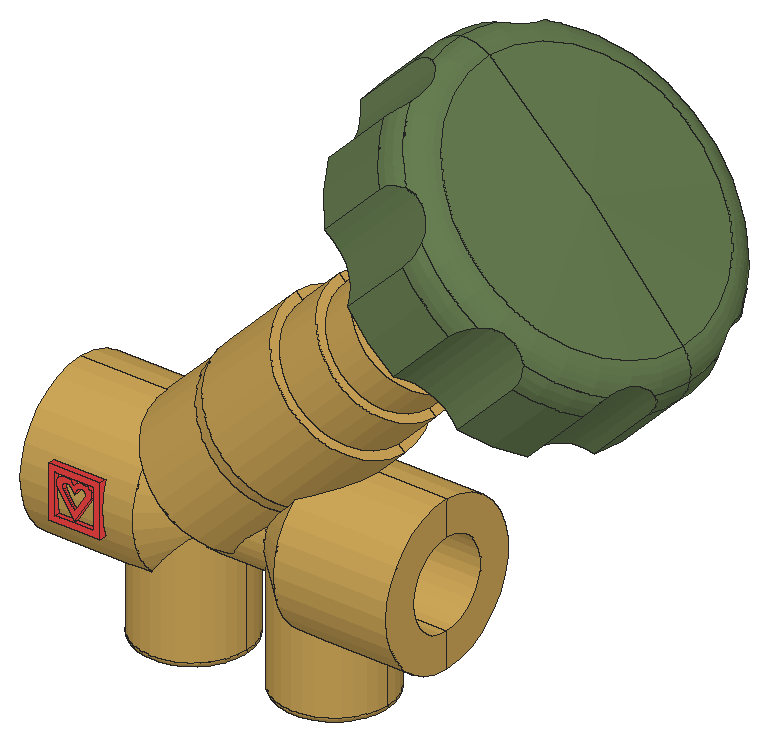
Revit family "HERZ Strömax 4125 WD", category Rohrzubehör, Revit 2019
Family settings
  Bemaßung runder Anschluss = Durchmesser verwenden
  Teiletyp = Unterbricht
  OmniClass-Nummer = 23.65.55.14
  OmniClass-Titel = Valves for Liquid Services
  Arbeitsebenenbasiert = Nein
  Immer vertikal = Ja
  Beim Laden mit Abzugskörper schneiden = Nein
  Gemeinsam genutzt = Nein
Parameters
  W01 = 45.00°  # constant formula
  URL = "www.herzvalves.com"
  Technically possible use = " "  # constant formula
  Spindle = "forged brass CW617N"  # constant formula
  SW01 = 60.00°  # constant formula
  SC_NennweiteBerechnet = 0
  SC_Dimension = ""
  SCTWSEQ = "FW_SBT_TYP_FW=\"109\";2"
  SCTWCODE = "04;00;02"  # constant formula
  S03 = 60 mm  # constant formula
  S02 [instance] = L06 + L09 + L12 + L15  # 77.9 mm
  S01 [instance] = R01 * 2  # 27 mm
  R12 [instance] = R01 - 1 mm  # 12.5 mm
  R11 [instance] = size_lookup("4125WD_", "R11", 46.5 mm, Nennweite)  # 5.1 mm
  R100 = 1 mm  # constant formula
  R10 [instance] = size_lookup("4125WD_", "R10", 46.5 mm, Nennweite)  # 8 mm
  R09 [instance] = size_lookup("4125WD_", "R9", 46.5 mm, Nennweite)  # 10.5 mm
  R08 [instance] = size_lookup("4125WD_", "R8", 46.5 mm, Nennweite)  # 12 mm
  R07 [instance] = size_lookup("4125WD_", "R7", 46.5 mm, Nennweite)  # 13.5 mm
  R06 [instance] = size_lookup("4125WD_", "R6", 43 mm, Nennweite)  # 13 mm
  R05 [instance] = Nennweite / 2  # 7.5 mm
  R03 = 9.5 mm  # constant formula
  R02 [instance] = Nennweite / 2  # 7.5 mm
  R01 [instance] = size_lookup("4125WD_", "R1", 11.5 mm, Nennweite)  # 13.5 mm
  Upper part = "DZR brass CW626N"  # constant formula
  Part number [instance] = size_lookup("4125WD_", "Artnr", 0, Nennweite)  # 2412561
  Note = "Pursuant to Article 33 of the REACH Regulation (EC No. 1907/2006), we are obliged to point out that the material lead is listed on the SVHC list and that all brass components manufactured in our products exceed 0.1% (w / w) lead (CAS: 7439-92-1 / EINECS: 231-100-4).\r\nSince lead is a component part of an alloy, actual exposure is not possible and therefore no additional information on safe use is necessary."
  Nennweite [instance] = 15 mm
  Min. flow at Dp 10 kPa [instance] = if(Nennweite = 15 mm, 0.5 L/s, if(Nennweite = 20 mm, 1.0 L/s, if(Nennweite = 25 mm, 1.75 L/s, if(Nennweite = 32 mm, 3.0 L/s, if(Nennweite = 40 mm, 4.0 L/s, if(Nennweite = 50 mm, 6.75 L/s, if(Nennweite = 65 mm, 11.0 L/s, if(Nennweite = 80 mm, 16.0 L/s, 0.0 L/s))))))))  # 0.5 L/s
  Medium = "Water"  # constant formula
  Max. service temperature (ÖVGW) = 65 °C  # constant formula
  Max. operating temperature = 80 °C  # constant formula
  Max. operating pressure = 2000000.0 Pa  # constant formula
  Max. differential pressure on closed seat = 1000000.0 Pa  # constant formula
  Max. operating pressure (ÖVGW) = 1000000.0 Pa  # constant formula
  L16 [instance] = L01 / 2  # 10 mm
  L15 [instance] = size_lookup("4125WD_", "L15", 12.4 mm, Nennweite)  # 12.4 mm
  L14 [instance] = size_lookup("4125WD_", "L14", 81 mm, Nennweite)  # 6 mm
  L12 [instance] = size_lookup("4125WD_", "L12", 81 mm, Nennweite)  # 26 mm
  L11 [instance] = size_lookup("4125WD_", "L11", 60 mm, Nennweite)  # 6.7 mm
  L10 [instance] = size_lookup("4125WD_", "L10", 20 mm, Nennweite)  # 9.3 mm
  L09 [instance] = size_lookup("4125WD_", "L9", 11 mm, Nennweite)  # 17 mm
  L08 [instance] = size_lookup("4125WD_", "L8", 35 mm, Nennweite)  # 20 mm
  L07 [instance] = size_lookup("4125WD_", "L7", 35 mm, Nennweite)  # 12.5 mm
  L06 [instance] = size_lookup("4125WD_", "L6", 118 mm, Nennweite) - L09  # 22.5 mm
  L03 = 15 mm  # constant formula
  L02 [instance] = size_lookup("4125WD_", "L2", 22 mm, Nennweite)  # 6 mm
  L01 [instance] = size_lookup("4125WD_", "L1", 48 mm, Nennweite)  # 20 mm
  L00 [instance] = size_lookup("4125WD_", "L", 180 mm, Nennweite)  # 65 mm
  Plug = "DZR brass CW626N"  # constant formula
  Hersteller = "HERZ Armaturen Ges.m.b.H."  # constant formula
  Hand wheel = "plastic, green"  # constant formula
  H01 [instance] = size_lookup("4125WD_", "H1", 53 mm, Nennweite)  # 24 mm
  Occasional temperature rises = "up to 95°C, if they do not last longer than 1 h"  # constant formula
  Seals = "EPDM"  # constant formula
  DN80 [instance] = Nennweite = 80 mm  # no
  DN65 [instance] = Nennweite = 65 mm  # no
  DN50 [instance] = Nennweite = 50 mm  # no
  DN40 [instance] = Nennweite = 40 mm  # no
  DN32 [instance] = Nennweite = 32 mm  # no
  DN25 [instance] = Nennweite = 25 mm  # no
  DN20 [instance] = Nennweite = 20 mm  # no
  DN15 [instance] = Nennweite = 15 mm  # yes
  Body = "DZR brass CC770S"  # constant formula
  Application = "For shutting off drinking water pipes in buildings."
Reference planes
  plane 1 "Mitte (Vorne/hinten)": y = 0
  plane 2: z = 0
  plane 3 "Mitte (Links/rechts)": x = 0
Forms (mm)
  Revolve 1, solid, material "Messing, weicher Gelbton, geschweißt", detail levels fine
    sketch origin (470, 0, 0) x (1, 0, 0) y (0, 0, 1)
      loop
        line (-502.5, 7.5) -> (-487.5, 7.5) -> (-487.5, 0) -> (-452.5, 0) -> (-452.5, 7.5) -> (-437.5, 7.5) -> (-437.5, 13.5) -> (-457.5, 13.5) -> (-464, 7.5) -> (-476, 7.5) -> (-482.5, 13.5) -> (-502.5, 13.5) -> (-502.5, 7.5)
      axis (-502.5, 0) -> (-437.5, 0)
    angle from 0 to 360
  Revolve 2, solid, material "Messing, weicher Gelbton, geschweißt", detail levels fine
    sketch origin (470, 0, 0) x (1, 0, 0) y (0, 0, 1)
      loop
        line (-492, 0) -> (-492, -23)
        arc (-492, -23) -> (-491.707, -23.707) -> (-491, -24) r 1
        line (-491, -24) -> (-482.5, -24) -> (-482.5, 0) -> (-492, 0)
      axis (-482.5, 0) -> (-482.5, -24)
    angle from 0 to 360
  Revolve 3, solid, material "Messing, weicher Gelbton, geschweißt", detail levels fine
    sketch origin (-470, 0, 0) x (-1, 0, 0) y (0, 0, 1)
      loop
        line (-492, 0) -> (-492, -23)
        arc (-492, -23) -> (-491.707, -23.707) -> (-491, -24) r 1
        line (-491, -24) -> (-482.5, -24) -> (-482.5, 0) -> (-492, 0)
      axis (-482.5, 0) -> (-482.5, -24)
    angle from 0 to 360
  Revolve 4, solid, material "Messing, weicher Gelbton, geschweißt", detail levels fine
    sketch origin (0.32, 0, -0.105) x (1, 0, 0) y (0, 0, 1)
      loop
        line (-12.82, 0) -> (42.264, 55.084) -> (38.657, 58.69) -> (29.889, 49.922) -> (27.839, 51.972) -> (20.767, 44.901) -> (19, 46.669) -> (14.262, 41.931) -> (13.201, 42.992) -> (6.625, 36.416) -> (5.565, 37.477) -> (-6.456, 25.456) -> (-7.87, 23.335) -> (-17.77, 13.435) -> (-18.123, 5.303) -> (-12.82, 0)
      axis (-12.82, 0) -> (42.264, 55.084)
    angle from 0 to 360
Lines and regions (mm)
  model lines, detail levels coarse+medium
    curve 1: line (-32.5, 0, 13.5) -> (-32.5, 0, -13.5)
    curve 2: line (-32.5, 0, -13.5) -> (32.5, 0, 13.5)
    curve 3: line (32.5, 0, 13.5) -> (32.5, 0, -13.5)
    curve 4: line (32.5, 0, -13.5) -> (-32.5, 0, 13.5)
    curve 5: line (0, 0, 0) -> (38.95, 0, 67.463)
    curve 6: line (12.969, 0, 82.463) -> (64.931, 0, 52.463)
    curve 7: line (-32.5, 13.5, 0) -> (-32.5, -13.5, 0)
    curve 8: line (-32.5, -13.5, 0) -> (32.5, 13.5, 0)
    curve 9: line (32.5, 13.5, 0) -> (32.5, -13.5, 0)
    curve 10: line (32.5, -13.5, 0) -> (-32.5, 13.5, 0)
    curve 11: line (0, 0, 0) -> (38.95, 67.463, 0)
    curve 12: line (12.969, 82.463, 0) -> (64.931, 52.463, 0)
Dimensions and locks
  "H01": plane 2 to Revolve 2 sketch curve
  "L00": Revolve 1 sketch curve to Revolve 1 sketch curve
  equal spacing: Revolve 1 sketch curve, plane 3 "Mitte (Links/rechts)", Revolve 1 sketch curve
  "R01": Revolve 1 sketch curve to Revolve 1 sketch curve  (x2)
  "R02": Revolve 1 sketch curve to Revolve 1 sketch curve  (x3)
  "L01": Revolve 1 sketch curve to Revolve 1 sketch curve  (x2)
  "L02": plane 3 "Mitte (Links/rechts)" to Revolve 1 sketch curve
  "L02": Revolve 1 sketch curve to plane 3 "Mitte (Links/rechts)"
  "L03": Revolve 1 sketch curve to Revolve 1 sketch curve  (x2)
  "L01": Revolve 1 to Revolve 2 sketch curve
  "R03": Revolve 2 sketch curve to Revolve 2 sketch curve
  "L01": Revolve 3 sketch curve to Revolve 1
  "R03": Revolve 3 sketch curve to Revolve 3 sketch curve
  "H01": plane 2 to Revolve 3 sketch curve
  "R07": Revolve 4 sketch curve to Revolve 4 sketch curve
  "L07": plane 3 "Mitte (Links/rechts)" to Revolve 4 sketch curve
  "R05": Revolve 4 sketch curve to Revolve 4 sketch curve
  "L06": Revolve 4 sketch curve to Revolve 4 sketch curve
  "L08": Revolve 4 sketch curve to Revolve 4 sketch curve
  "R06": Revolve 4 sketch curve to Revolve 4 sketch curve
  "L14": Revolve 4 sketch curve to Revolve 4 sketch curve
  "L09": Revolve 4 sketch curve to Revolve 4 sketch curve
  "R08": Revolve 4 sketch curve to Revolve 4 sketch curve
  "L10": Revolve 4 sketch curve to Revolve 4 sketch curve
  "R09": Revolve 4 sketch curve to Revolve 4 sketch curve
  "R10": Revolve 4 sketch curve to Revolve 4 sketch curve
  "L12": Revolve 4 sketch curve to Revolve 4 sketch curve
  "R11": Revolve 4 sketch curve to Revolve 4 sketch curve
  "L15": Revolve 4 sketch curve to Revolve 4 sketch curve
  "L11": Revolve 4 sketch curve to Revolve 4 sketch curve
  "R12": nested 9 to plane 1 "Mitte (Vorne/hinten)"
  "L16": Revolve 1 to nested 9
  equal spacing: curve 1, plane 3 "Mitte (Links/rechts)", curve 3
  "L00": curve 1 to curve 3
  equal spacing: curve 4, plane 2, curve 2
  "S01": curve 4 to curve 2
  equal spacing: curve 3, plane 2, curve 4
  "S01": curve 3 to curve 4
  "S02": curve 5 to curve 5
  equal spacing: curve 6, curve 5, curve 6
  "S03": curve 6 to curve 6
  equal spacing: curve 7, plane 3 "Mitte (Links/rechts)", curve 9
  "L00": curve 7 to curve 9
  equal spacing: curve 8, plane 1 "Mitte (Vorne/hinten)", curve 10
  "S01": curve 10 to curve 8
  equal spacing: curve 10, plane 1 "Mitte (Vorne/hinten)", curve 9
  "S01": curve 9 to curve 10
  "S02": curve 11 to curve 11
  equal spacing: curve 12, curve 11, curve 12
  "S03": curve 12 to curve 12
  "R100": radius of Revolve 2 sketch curve
  "R100": radius of Revolve 3 sketch curve
  "W01": angle plane 2 to Revolve 4 sketch curve
  "W01": angle level to Revolve 4 sketch curve
  "SW01": angle plane 2 to curve 5
  "SW01": angle plane 1 "Mitte (Vorne/hinten)" to curve 11
  aligned and locked: level to plane 2
Automatic sketch dimensions
  curve 5 to level = 0 mm
  plane 1 "Mitte (Vorne/hinten)" to curve 11 = 0 mm
  Revolve 1 sketch curve to level = 0 mm  (x2)
  Revolve 1 sketch curve to Revolve 1 sketch curve = 791.99 mm
  Revolve 1 sketch curve to Revolve 1 sketch curve = 2278.983 mm
  Revolve 2 sketch curve to level = 0 mm  (x2)
  Revolve 2 sketch curve to Revolve 2 sketch curve = 0 mm
  Revolve 2 sketch curve to Revolve 2 sketch curve = 0.292 mm
  Revolve 3 sketch curve to level = 0 mm  (x2)
  Revolve 3 sketch curve to Revolve 3 sketch curve = 0 mm
  Revolve 3 sketch curve to Revolve 3 sketch curve = 0.292 mm
  Revolve 4 sketch curve to level = 0.105 mm
  Revolve 4 sketch curve to Revolve 4 sketch curve = 0 mm  (x2)
Nested families
  nested 1: "Strömax-Handrad_Schrägsitz (Grün)" at (42.584, 0, 54.979), visible <- "DN15", type "Strömax-Handrad_Schrägsitz (Grün)", detail levels fine
    with Nennweite 0 mm, Gewicht 0.00 kg, Bestellnummer 0
  nested 2: "Strömax-Handrad_Schrägsitz (Grün)" at (54.312, 0, 67.707), visible <- "DN20", type "Strömax-Handrad_Schrägsitz (Grün)", detail levels fine
    with Nennweite 0 mm, Gewicht 0.00 kg, Bestellnummer 0
  nested 3: "Strömax-Handrad_Schrägsitz (Grün)" at (62.469, 0, 80.364), visible <- "DN25", type "Strömax-Handrad_Schrägsitz (Grün)", detail levels fine
    with Nennweite 0 mm, Gewicht 0.00 kg, Bestellnummer 0
  nested 4: "Strömax-Handrad_Schrägsitz (Grün)" at (71.712, 0, 91.607), visible <- "DN32", type "Strömax-Handrad_Schrägsitz (Grün)", detail levels fine
    with Nennweite 0 mm, Gewicht 0.00 kg, Bestellnummer 0
  nested 5: "Strömax-Handrad_Schrägsitz (Grün)" at (80.399, 0, 101.294), visible <- "DN40", type "Strömax-Handrad_Schrägsitz (Grün)", detail levels fine
    with Nennweite 0 mm, Gewicht 0.00 kg, Bestellnummer 0
  nested 6: "Strömax-Handrad_Schrägsitz (Grün)" at (97.83, 0, 129.225), visible <- "DN50", type "Strömax-Handrad_Schrägsitz (Grün)", detail levels fine
    with Nennweite 0 mm, Gewicht 0.00 kg, Bestellnummer 0
  nested 7: "Strömax-Handrad_Schrägsitz (Grün)" at (114.482, 0, 149.378), visible <- "DN65", type "Strömax-Handrad_Schrägsitz (Grün)", detail levels fine
    with Nennweite 0 mm, Gewicht 0.00 kg, Bestellnummer 0
  nested 8: "Strömax-Handrad_Schrägsitz (Grün)" at (140.423, 0, 183.319), visible <- "DN80", type "Strömax-Handrad_Schrägsitz (Grün)", detail levels fine
    with Nennweite 0 mm, Gewicht 0.00 kg, Bestellnummer 0
  nested 9: "Herz-Logo-vorne" at (-22.5, -13.232, 0) x (0, 1, 0) z (0, 0, 1), type "Herz-Logo-vorne", detail levels fine
Connectors
  piping at (-17.5, 0, 0), diameter 15, driven by "Nennweite"
    settings: on Revolve 1, index 1, connector inside diameter 609.6 mm, connector length 0 mm, flow factor 0, pipe flow 0.0 L/s, pressure drop 0.0 Pa, fitting loss kfactor 0, connector angle 0.00°, fixture units 0, engagement length 0 mm, angle of deflection 0.00°, flow configuration 0, flow direction 1, fitting loss method 0, system type 29, joint type 0, gender type 0, connector reference index -1, connector utility 0, adjustable connector no, is connector primary yes, connector description ""
  piping at (17.5, 0, 0), diameter 15, driven by "Nennweite"
    settings: on Revolve 1, index 2, connector inside diameter 609.6 mm, connector length 0 mm, flow factor 0, pipe flow 0.0 L/s, pressure drop 0.0 Pa, fitting loss kfactor 0, connector angle 0.00°, fixture units 0, engagement length 0 mm, angle of deflection 0.00°, flow configuration 0, flow direction 2, fitting loss method 0, system type 29, joint type 0, gender type 0, connector reference index -1, connector utility 0, adjustable connector no, is connector primary no, connector description ""
Definition of nested family "Strömax-Handrad_Schrägsitz (Grün)"
  Parameters (values of type "Strömax-Handrad_Schrägsitz (Grün)")
    URL = "www.herz-armaturen.at"
    Nennweite [instance] = 0 mm
    Manufacturer = "Herz Armaturen GmbH"  # constant formula
    Gewicht [instance] = 0.00 kg
    Bestellnummer [instance] = 0
  Reference planes
    plane 1 "Mitte (Vorne/hinten)": y = 0
    plane 2: z = 0
    plane 3 "Mitte (Links/rechts)": x = 0
  Forms (mm)
    Revolve 1, solid
      sketch origin (0, 0, 0) x (0.707107, 0, -0.707107) y (0.707107, 0, 0.707107)
        loop
          line (0, 0) -> (0, 22)
          arc (0, 22) -> (-12.15, 21.705) -> (-24.271, 20.819) r 250
          arc (-24.271, 20.819) -> (-26.831, 19.959) -> (-28.754, 18.063) r 6
          arc (-28.754, 18.063) -> (-29.682, 16.008) -> (-30, 13.776) r 8
          line (-30, 13.776) -> (-30, 0) -> (0, 0)
        axis (0, 22) -> (0, 0)
      angle from 0 to 360
    Extrusion 2, void
      sketch origin (0, 0, 0) x (0.707107, 0, -0.707107) y (0, 1, 0)
        loop
          circle (14.351, -34.645) r 10
      from 0 to 22
    Extrusion 3, void
      sketch origin (0, 0, 0) x (-0.707107, 0, 0.707107) y (0, -1, 0)
        loop
          circle (14.351, 34.645) r 10
      from 0 to 22
    Extrusion 4, void
      sketch origin (0, 0, 0) x (0, -1, 0) y (0.707107, 0, -0.707107)
        loop
          circle (14.351, 34.645) r 10
      from 0 to 22
    Extrusion 5, void
      sketch origin (0, 0, 0) x (0, 1, 0) y (-0.707107, 0, 0.707107)
        loop
          circle (14.351, -34.645) r 10
      from 0 to 22
    Extrusion 6, void
      sketch origin (0, 0, 0) x (0, -1, 0) y (0.707107, 0, -0.707107)
        loop
          circle (14.351, -34.645) r 10
      from 0 to 22
    Extrusion 7, void
      sketch origin (0, 0, 0) x (0, 1, 0) y (-0.707107, 0, 0.707107)
        loop
          circle (14.351, 34.645) r 10
      from 0 to 22
    Extrusion 8, void
      sketch origin (0, 0, 0) x (0.707107, 0, -0.707107) y (0, 1, 0)
        loop
          circle (14.351, 34.645) r 10
      from 0 to 22
    Extrusion 9, void
      sketch origin (0, 0, 0) x (-0.707107, 0, 0.707107) y (0, -1, 0)
        loop
          circle (14.351, -34.645) r 10
      from 0 to 22
  Cuts and joins
    Extrusion 2, Extrusion 3, Extrusion 4, Extrusion 5, Extrusion 6, Extrusion 7, Extrusion 8, Extrusion 9 cuts Revolve 1
  Dimensions and locks
    aligned and locked: level to plane 2
Definition of nested family "Herz-Logo-vorne"
  Reference planes
    plane 1 "Mitte (Vorne/hinten)": y = 0
    plane 2: z = 0
    plane 3 "Mitte (Links/rechts)": x = 0
  Forms (mm)
    Extrusion 1, solid
      sketch origin (0.732, -0.018, 0.017) x (0, -1, 0) y (0, 0, 1)
        loop
          line (-0.018, -4.517) -> (4.482, -4.517) -> (4.482, 4.483) -> (-4.518, 4.483) -> (-4.518, -4.517) -> (-0.018, -4.517)
        loop
          line (-0.05, -3.48) -> (3.482, -3.48) -> (3.482, 3.483) -> (-3.518, 3.483) -> (-3.518, -3.48) -> (-0.05, -3.48)
        loop
          arc (-0.018, 2.383) -> (-1.543, 3.287) -> (-3.067, 2.383) r 1.738
          arc (-3.067, 2.383) -> (-3.191, 1.899) -> (-3.067, 1.415) r 1.009
          line (-3.067, 1.415) -> (-0.018, -3.281) -> (3.032, 1.415)
          arc (3.032, 1.415) -> (3.156, 1.899) -> (3.032, 2.383) r 1.009
          arc (3.032, 2.383) -> (1.507, 3.287) -> (-0.018, 2.383) r 1.738
        loop
          arc (1.885, 1.272) -> (2.005, 1.675) -> (1.885, 2.079) r 0.74
          arc (1.885, 2.079) -> (1.265, 2.416) -> (0.644, 2.079) r 0.74
          line (0.644, 2.079) -> (-0.018, 0.97) -> (-0.679, 2.079)
          arc (-0.679, 2.079) -> (-1.3, 2.416) -> (-1.921, 2.079) r 0.74
          arc (-1.921, 2.079) -> (-2.04, 1.675) -> (-1.921, 1.272) r 0.74
          line (-1.921, 1.272) -> (-0.018, -1.658) -> (1.885, 1.272)
      from 0 to 1.5
  Dimensions and locks
    aligned and locked: level to plane 2
